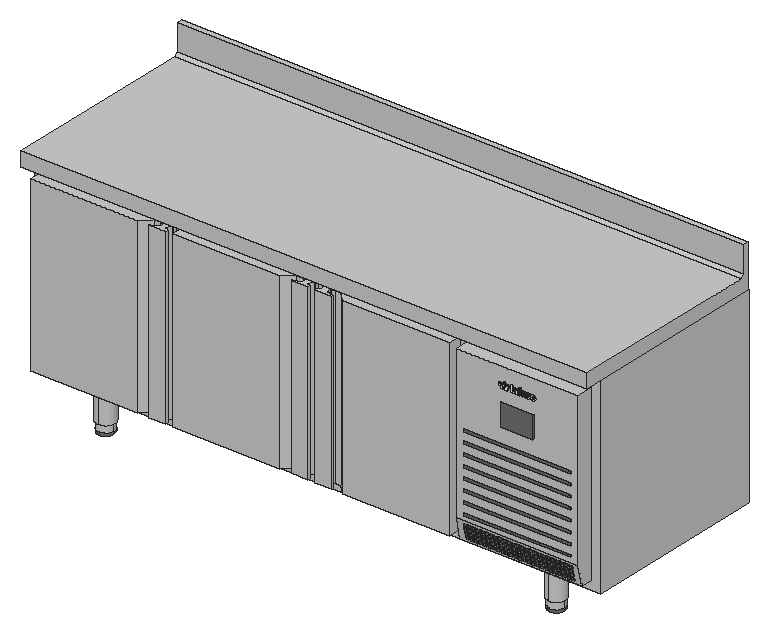
Revit family "QF_INFRICO_BMGN1960II_250808014312", category Specialty Equipment, Revit 2021
Family settings
  Round Connector Dimension = Use Diameter
  Part Type = Normal
  OmniClass Number = 23.40.40.14
  OmniClass Title = Food Service Equipment
  Work Plane-Based = No
  Always vertical = Yes
  Cut with Voids When Loaded = No
  Shared = No
  Room Calculation Point = No
Parameters (values of type "BMGN1960II-R290")
  Weight [instance] = 172.00 kg
  Waste Water Discharge Temperature [instance] = 0 °C
  Waste Remarks [instance] = ""
  Warranty Start Date [instance] = ""
  Warranty Duration [instance] = ""
  Volts [instance] = 230 V
  Volt Free Conn [instance] = no
  URL Recommended Spares List [instance] = ""
  URL Manufacturer [instance] = ""
  URL Cutsheet [instance] = ""
  URL Critical Spares List [instance] = ""
  URL = "www.infrico.com"
  Technical Documentation [instance] = ""
  Tag Number [instance] = ""
  Status [instance] = ""
  Start Up Current [instance] = 0 A
  Specification by User [instance] = ""
  Specification by Manufacturer [instance] = ""
  Sound Level [instance] = ""
  Show Logo [instance] = yes
  Show Clearances [instance] = yes
  Service Life Duration [instance] = ""
  Serial Number [instance] = ""
  Seismic Rating [instance] = ""
  SMACNA No [instance] = ""
  Revision Code [instance] = ""
  Revision [instance] = ""
  Production Year [instance] = ""
  Potential Equalisation [instance] = no
  Point Load [instance] = 0
  Plumbing Connection Type [instance] = ""
  Phase [instance] = 1
  Other Equipment Approvals [instance] = ""
  Operational Current [instance] = 0 A
  Number of Poles [instance] = 2
  No Load Power Draw [instance] = no
  NAFEM Spec ID Number [instance] = ""
  Model Warning [instance] = ""
  Model = "BMGN1960II"
  Min Ckt Ampacity [instance] = 0 A
  Max Overcurrent Protection [instance] = 0 A
  Masterspec [instance] = ""
  Manufacturer = "INFRICO"
  Main switch integrated [instance] = no
  Length Actual [instance] = 1960 mm
  Item Number [instance] = ""
  Installed By [instance] = ""
  Installation Date [instance] = ""
  Indirect Waste Size [instance] = 19.05 mm
  Indirect Waste Remarks [instance] = ""
  Indirect Waste Flow [instance] = 0.0 L/s
  Indirect Waste Connection Type [instance] = ""
  Indirect Waste Connection Height [instance] = 0 mm
  Identify Quantity as Lot [instance] = no
  ID [instance] = ""
  Hygiene Approval [instance] = ""
  Height Actual [instance] = 850 mm
  HP power [instance] = ""
  Furnished By [instance] = ""
  Foodservice Equipment Identifier [instance] = no
  FL Amps [instance] = 0 A
  Electrical Remarks [instance] = ""
  Electric power [instance] = 370 W
  Electric Connection Type [instance] = ""
  Elec Conn RI Height [instance] = 0 mm
  Elec Conn Connection Height [instance] = 0 mm
  ETL Approved [instance] = no
  Direct Waste Water Discharge Temperature [instance] = -273.15 °C
  Direct Waste Size [instance] = 19.05 mm
  Direct Waste RI Height [instance] = 0 mm
  Direct Waste Flow [instance] = 0.0 L/s
  Direct Waste Connection Height [instance] = 0 mm
  Description = "GN1/1 UNDERCOUNTER REFRIGERATOR 700 SERIES - R290 "
  Depth Actual [instance] = 700 mm
  Default Elevation = 0 mm
  Cycle [instance] = 50 Hz
  Cost = 0
  Connection to energy optimisation system [instance] = yes
  Conn Plug [instance] = ""
  Conn Conduit [instance] = no
  Centralized building control system with digital interface [instance] = ""
  CSI MasterFormat [instance] = ""
  CE Approved [instance] = no
  Barcode [instance] = 0
  Author [instance] = ""
  Asset Identifier [instance] = ""
  Apparent Power [instance] = 370 VA
  Accessory [instance] = no
Reference planes
  plane 1 "Center (Front/Back)": y = 0
  plane 2: z = 0
  plane 3 "Center (Left/Right)": x = 0
Forms (mm)
  Extrusion 1, solid, not visible
    sketch origin (787.038, -112.005, 142.007) x (1, 0, 0) y (0, 1, 0)
      loop
        line (-2, 2) -> (-2, -2) -> (2, -2) -> (2, 2) -> (-2, 2)
    from -2 to 2
  Extrusion 2, solid, not visible
    sketch origin (1898.593, -61.503, 142.007) x (1, 0, 0) y (0, 1, 0)
      loop
        line (-2, 2) -> (-2, -2) -> (2, -2) -> (2, 2) -> (-2, 2)
    from -2 to 2
Dimensions and locks
  locked: nested 2 to Extrusion 1 at 2  (x2)
  locked: nested 3 to Extrusion 2 at 2  (x2)
  aligned and locked: level to plane 2
Nested families
  nested 1: "QF_INFRICO_BMGN1960_2920" at (0, 0, 140), type "BMGN1960II-R290"
    with Weight 172.00 kg, Warranty Start Date "", Warranty Duration "", URL Cutsheet "", Technical Documentation "", Tag Number "", Status "", Specification by User "", Specification by Manufacturer "", Sound Level "", Solid Fuel Type "", Show Logo yes, Show Clearances yes, Show Clearance yes, Service Life Duration "", Serial Number "", Seismic Rating "", SMACNA No "", Revision Code "", Revision "", Production Year "", Point Load 0, Other Equipment Approvals "", NAFEM Spec ID Number "", Model Warning "", Masterspec "", Length Actual 1960 mm, Item Number "", Installed By "", Installation Date "", Identify Quantity as Lot yes, ID "", Hygiene Approval "", Height Actual 850 mm, Furnished By "", Foodservice Equipment Identifier yes, ETL Approved yes, Depth Actual 700 mm, CSI MasterFormat "", CE Approved no, Barcode "", Author "", Asset Identifier "", Accessory no
  nested 2: "CONN_POINT_DRAIN_2D___Generic_Annotation" at (787.038, -112.005, 140.007), type "CONN_POINT_DRAIN_2D___Generic_Annotation"
    with Onboard connection annotation symbol visibility yes
  nested 3: "CONN_POINT_ELE_2D___Generic_Annotation" at (1898.593, -61.503, 140.007), type "CONN_POINT_ELE_2D___Generic_Annotation"
    with Onboard connection annotation symbol visibility yes
  nested 4: "QF_INFRICO_BMGN_DOOR_SX_4853" at (22, -638, 168), type "BMGN_DOOR_SX"
    with Weight 0.00 kg, Warranty Start Date "", Warranty Duration "", URL Cutsheet "", Technical Documentation "", Tag Number "", Status "", Specification by User "", Specification by Manufacturer "", Sound Level "", Solid Fuel Type "", Show Logo yes, Show Clearances yes, Show Clearance yes, Service Life Duration "", Serial Number "", Seismic Rating "", SMACNA No "", Revision Code "", Revision "", Production Year "", Point Load 0, Other Equipment Approvals "", NAFEM Spec ID Number "", Model Warning "", Masterspec "", Length Actual 467 mm, Item Number "", Installed By "", Installation Date "", Identify Quantity as Lot yes, ID "", Hygiene Approval "", Height Actual 597 mm, Furnished By "", Foodservice Equipment Identifier yes, ETL Approved yes, Depth Actual 54 mm, CSI MasterFormat "", CE Approved no, Barcode "", Author "", Asset Identifier "", Accessory yes
  nested 5: "QF_INFRICO_BMGN_DOOR_SX_5634" at (514, -638, 168), type "BMGN_DOOR_SX"
    with Weight 0.00 kg, Warranty Start Date "", Warranty Duration "", URL Cutsheet "", Technical Documentation "", Tag Number "", Status "", Specification by User "", Specification by Manufacturer "", Sound Level "", Solid Fuel Type "", Show Logo yes, Show Clearances yes, Show Clearance yes, Service Life Duration "", Serial Number "", Seismic Rating "", SMACNA No "", Revision Code "", Revision "", Production Year "", Point Load 0, Other Equipment Approvals "", NAFEM Spec ID Number "", Model Warning "", Masterspec "", Length Actual 467 mm, Item Number "", Installed By "", Installation Date "", Identify Quantity as Lot yes, ID "", Hygiene Approval "", Height Actual 597 mm, Furnished By "", Foodservice Equipment Identifier yes, ETL Approved yes, Depth Actual 54 mm, CSI MasterFormat "", CE Approved no, Barcode "", Author "", Asset Identifier "", Accessory yes
  nested 6: "QF_INFRICO_BMGN_DOOR_DX_6411" at (1006, -638, 168), type "BMGN_DOOR_DX"
    with Weight 0.00 kg, Warranty Start Date "", Warranty Duration "", URL Cutsheet "", Technical Documentation "", Tag Number "", Status "", Specification by User "", Specification by Manufacturer "", Sound Level "", Solid Fuel Type "", Show Logo yes, Show Clearances yes, Show Clearance yes, Service Life Duration "", Serial Number "", Seismic Rating "", SMACNA No "", Revision Code "", Revision "", Production Year "", Point Load 0, Other Equipment Approvals "", NAFEM Spec ID Number "", Model Warning "", Masterspec "", Length Actual 467 mm, Item Number "", Installed By "", Installation Date "", Identify Quantity as Lot yes, ID "", Hygiene Approval "", Height Actual 597 mm, Furnished By "", Foodservice Equipment Identifier yes, ETL Approved yes, Depth Actual 54 mm, CSI MasterFormat "", CE Approved no, Barcode "", Author "", Asset Identifier "", Accessory yes
  nested 7: "QF_INFRICO_WORKTOP_BACKSPLASH_7188" at (0, 0, 800), type "ENC12CPGN19"
    with Weight 0.00 kg, Warranty Start Date "", Warranty Duration "", URL Cutsheet "", Technical Documentation "", Tag Number "", Status "", Specification by User "", Specification by Manufacturer "", Sound Level "", Solid Fuel Type "", Show Logo yes, Show Clearances yes, Show Clearance yes, Service Life Duration "", Serial Number "", Seismic Rating "", SMACNA No "", Revision Code "", Revision "", Production Year "", Point Load 0, Other Equipment Approvals "", NAFEM Spec ID Number "", Model Warning "", Masterspec "", Length Actual 1960 mm, Item Number "", Installed By "", Installation Date "", Identify Quantity as Lot yes, ID "", Hygiene Approval "", Height Actual 150 mm, Furnished By "", Foodservice Equipment Identifier yes, ETL Approved yes, Depth Actual 700 mm, CSI MasterFormat "", CE Approved no, Barcode "", Author "", Asset Identifier "", Accessory yes
  nested 8: "QF_INFRICO_LEGS_8024" at (0, 0, 0), type "LEGS_1960_700"
    with Weight 0.00 kg, Warranty Start Date "", Warranty Duration "", URL Cutsheet "", Technical Documentation "", Tag Number "", Status "", Specification by User "", Specification by Manufacturer "", Sound Level "", Solid Fuel Type "", Show Logo yes, Show Clearances yes, Show Clearance yes, Service Life Duration "", Serial Number "", Seismic Rating "", SMACNA No "", Revision Code "", Revision "", Production Year "", Point Load 0, Other Equipment Approvals "", NAFEM Spec ID Number "", Model Warning "", Masterspec "", Length Actual 1960 mm, Item Number "", Installed By "", Installation Date "", Identify Quantity as Lot yes, ID "", Hygiene Approval "", Height Actual 140 mm, Furnished By "", Foodservice Equipment Identifier yes, ETL Approved yes, Depth Actual 700 mm, CSI MasterFormat "", CE Approved no, Barcode "", Author "", Asset Identifier "", Accessory yes
Connectors
  piping at (787.038, -112.005, 140.007), diameter 19.05, driven by "Indirect Waste Size", driven by "Direct Waste Flow"
    settings: on Extrusion 1, index 1, connector inside diameter 609.6 mm, connector length 0 mm, flow factor 0, pipe flow 0.0 L/s, pressure drop 0.0 Pa, fitting loss kfactor 0, connector angle 0.00°, fixture units 0, engagement length 0 mm, angle of deflection 0.00°, flow configuration 1, flow direction 2, fitting loss method 0, system type 16, joint type 0, gender type 0, connector reference index -1, connector utility 0, adjustable connector no, is connector primary yes, connector description "Waste connection for BMGN1960II"
  electrical at (1898.593, -61.503, 140.007), driven by "Apparent Power", driven by "Number of Poles", driven by "Volts"
    settings: on Extrusion 2, index 2, voltage 230 V, apparent load 0 VA, apparent load phase1 370 VA, apparent load phase2 0 VA, apparent load phase3 0 VA, power factor 1, load classification "Other", number of poles 2, system type 31, power factor state 1, is connector primary yes, connector utility no, sub classification motor no, connector description "Electrical connection for BMGN1960II"
Definition of nested family "QF_INFRICO_BMGN1960_2920"
  Parameters (values of type "BMGN1960II-R290")
    Weight [instance] = 0.00 kg
    Warranty Start Date [instance] = ""
    Warranty Duration [instance] = ""
    URL Cutsheet [instance] = ""
    URL = "www.infrico.com"
    Technical Documentation [instance] = ""
    Tag Number [instance] = ""
    Status [instance] = ""
    Specification by User [instance] = ""
    Specification by Manufacturer [instance] = ""
    Sound Level [instance] = ""
    Solid Fuel Type [instance] = ""
    Show Logo [instance] = yes
    Show Clearances [instance] = yes
    Show Clearance [instance] = yes
    Service Life Duration [instance] = ""
    Serial Number [instance] = ""
    Seismic Rating [instance] = ""
    SMACNA No [instance] = ""
    Revision Code [instance] = ""
    Revision [instance] = ""
    Production Year [instance] = ""
    Point Load [instance] = 0
    Other Equipment Approvals [instance] = ""
    NAFEM Spec ID Number [instance] = ""
    Model Warning [instance] = ""
    Model = "BMGN1960II"
    Masterspec [instance] = ""
    Manufacturer = "INFRICO"
    Length Actual [instance] = 0 mm
    Item Number [instance] = ""
    Installed By [instance] = ""
    Installation Date [instance] = ""
    Identify Quantity as Lot [instance] = yes
    ID [instance] = ""
    Hygiene Approval [instance] = ""
    Height Actual [instance] = 0 mm
    Furnished By [instance] = ""
    Foodservice Equipment Identifier [instance] = yes
    ETL Approved [instance] = yes
    Description = "GN1/1 UNDERCOUNTER REFRIGERATOR 700 SERIES - R290"
    Depth Actual [instance] = 0 mm
    Default Elevation = 0 mm
    CSI MasterFormat [instance] = ""
    CE Approved [instance] = yes
    Barcode [instance] = ""
    Author [instance] = ""
    Asset Identifier [instance] = ""
    Assembly Code = "E1090320"
    Accessory [instance] = yes
  Types (7, lengths in mm): name | Model | Description
    BMGN1960II | "BMGN1960II" | "GN1/1 UNDERCOUNTER REFRIGERATOR 700 SERIES - R134A"
    BMGN1960BT | "BMGN1960BT" | "UNDERCOUNTER FREEZER GN1/1 SERIES 700 - R290"
    BMGN1960CR | "BMGN1960CR" | "GN1/1 GLASS DOOR UNDERCOUNTER REFRIGERATOR 700 SERIES - R134A"
    BMGN1960F | "BMGN1960F" | "GN1/1 SINK UNDERCOUNTER REFRIGERATOR 700 SERIES - R134A"
    BMGN1960II-R290 | "BMGN1960II" | "GN1/1 UNDERCOUNTER REFRIGERATOR 700 SERIES - R290"
    BMGN1960CR-R290 | "BMGN1960CR" | "GN1/1 GLASS DOOR UNDERCOUNTER REFRIGERATOR 700 SERIES - R290"
    BMGN1960F-R290 | "BMGN1960F" | "GN1/1 SINK UNDERCOUNTER REFRIGERATOR 700 SERIES - R290"
  Reference planes
    plane 1 "Back": y = 0
    plane 2: z = 0
    plane 3 "Left": x = 0
    plane 4 "Right": x = 1960
    plane 5 "Front": y = -700
    plane 6 "Top": z = 660
  Forms (mm)
    Extrusion 1, solid
      sketch origin (492, 0, -140) x (0, 1, 0) y (0, 0, 1)
        loop
          line (-638.02, 765.292) -> (-695.03, 765.292) -> (-695.03, 238.436) -> (-678.769, 168) -> (-638.02, 168) -> (-638.02, 765.292)
      from 1013.993 to 1433.993
    Extrusion 2, void
      sketch origin (0, 0, -140) x (1, 0, 0) y (0, 0, 1)
        loop
          line (60, 200) -> (1410, 200) -> (1410, 740) -> (60, 740) -> (60, 200)
      from 60 to 638.02
    Extrusion 3, solid
      sketch origin (-1508, -693.13, -140) x (1, 0, 0) y (0, 0, 1)
        loop
          line (3408.016, 523.949) -> (3040.73, 523.949) -> (3040.73, 514.949) -> (3408.016, 514.949) -> (3408.016, 523.949)
        loop
          line (3408.016, 486.949) -> (3040.73, 486.949) -> (3040.73, 477.949) -> (3408.016, 477.949) -> (3408.016, 486.949)
        loop
          line (3408.016, 449.949) -> (3040.73, 449.949) -> (3040.73, 440.949) -> (3408.016, 440.949) -> (3408.016, 449.949)
        loop
          line (3408.016, 412.949) -> (3040.73, 412.949) -> (3040.73, 403.949) -> (3408.016, 403.949) -> (3408.016, 412.949)
        loop
          line (3408.016, 375.949) -> (3040.73, 375.949) -> (3040.73, 366.949) -> (3408.016, 366.949) -> (3408.016, 375.949)
        loop
          line (3408.016, 338.949) -> (3040.73, 338.949) -> (3040.73, 329.949) -> (3408.016, 329.949) -> (3408.016, 338.949)
        loop
          line (3408.016, 301.949) -> (3040.73, 301.949) -> (3040.73, 292.949) -> (3408.016, 292.949) -> (3408.016, 301.949)
        loop
          line (3408.016, 264.949) -> (3040.73, 264.949) -> (3040.73, 255.949) -> (3408.016, 255.949) -> (3408.016, 264.949)
      from 0 to 2
    Extrusion 4, solid
      sketch origin (-1508, -639.263, -134.673) x (1, 0, 0) y (0, -0.224951, 0.97437)
        loop
          line (3036.73, 215.974) -> (3036.73, 205.974) -> (3046.73, 205.974) -> (3046.73, 215.974) -> (3036.73, 215.974)
        loop
          line (3036.73, 230.769) -> (3036.73, 220.769) -> (3046.73, 220.769) -> (3046.73, 230.769) -> (3036.73, 230.769)
        loop
          line (3036.73, 186.385) -> (3036.73, 176.385) -> (3046.73, 176.385) -> (3046.73, 186.385) -> (3036.73, 186.385)
        loop
          line (3036.73, 201.179) -> (3036.73, 191.179) -> (3046.73, 191.179) -> (3046.73, 201.179) -> (3036.73, 201.179)
        loop
          line (3051.938, 215.974) -> (3051.938, 205.974) -> (3061.938, 205.974) -> (3061.938, 215.974) -> (3051.938, 215.974)
        loop
          line (3051.938, 230.769) -> (3051.938, 220.769) -> (3061.938, 220.769) -> (3061.938, 230.769) -> (3051.938, 230.769)
        loop
          line (3051.938, 186.385) -> (3051.938, 176.385) -> (3061.938, 176.385) -> (3061.938, 186.385) -> (3051.938, 186.385)
        loop
          line (3051.938, 201.179) -> (3051.938, 191.179) -> (3061.938, 191.179) -> (3061.938, 201.179) -> (3051.938, 201.179)
        loop
          line (3067.147, 215.974) -> (3067.147, 205.974) -> (3077.147, 205.974) -> (3077.147, 215.974) -> (3067.147, 215.974)
        loop
          line (3067.147, 230.769) -> (3067.147, 220.769) -> (3077.147, 220.769) -> (3077.147, 230.769) -> (3067.147, 230.769)
        loop
          line (3067.147, 186.385) -> (3067.147, 176.385) -> (3077.147, 176.385) -> (3077.147, 186.385) -> (3067.147, 186.385)
        loop
          line (3067.147, 201.179) -> (3067.147, 191.179) -> (3077.147, 191.179) -> (3077.147, 201.179) -> (3067.147, 201.179)
        loop
          line (3082.355, 215.974) -> (3082.355, 205.974) -> (3092.355, 205.974) -> (3092.355, 215.974) -> (3082.355, 215.974)
        loop
          line (3082.355, 230.769) -> (3082.355, 220.769) -> (3092.355, 220.769) -> (3092.355, 230.769) -> (3082.355, 230.769)
        loop
          line (3082.355, 186.385) -> (3082.355, 176.385) -> (3092.355, 176.385) -> (3092.355, 186.385) -> (3082.355, 186.385)
        loop
          line (3082.355, 201.179) -> (3082.355, 191.179) -> (3092.355, 191.179) -> (3092.355, 201.179) -> (3082.355, 201.179)
        loop
          line (3097.563, 215.974) -> (3097.563, 205.974) -> (3107.563, 205.974) -> (3107.563, 215.974) -> (3097.563, 215.974)
        loop
          line (3097.563, 230.769) -> (3097.563, 220.769) -> (3107.563, 220.769) -> (3107.563, 230.769) -> (3097.563, 230.769)
        loop
          line (3097.563, 186.385) -> (3097.563, 176.385) -> (3107.563, 176.385) -> (3107.563, 186.385) -> (3097.563, 186.385)
        loop
          line (3097.563, 201.179) -> (3097.563, 191.179) -> (3107.563, 191.179) -> (3107.563, 201.179) -> (3097.563, 201.179)
        loop
          line (3112.772, 215.974) -> (3112.772, 205.974) -> (3122.772, 205.974) -> (3122.772, 215.974) -> (3112.772, 215.974)
        loop
          line (3112.772, 230.769) -> (3112.772, 220.769) -> (3122.772, 220.769) -> (3122.772, 230.769) -> (3112.772, 230.769)
        loop
          line (3112.772, 186.385) -> (3112.772, 176.385) -> (3122.772, 176.385) -> (3122.772, 186.385) -> (3112.772, 186.385)
        loop
          line (3112.772, 201.179) -> (3112.772, 191.179) -> (3122.772, 191.179) -> (3122.772, 201.179) -> (3112.772, 201.179)
        loop
          line (3127.98, 215.974) -> (3127.98, 205.974) -> (3137.98, 205.974) -> (3137.98, 215.974) -> (3127.98, 215.974)
        loop
          line (3127.98, 230.769) -> (3127.98, 220.769) -> (3137.98, 220.769) -> (3137.98, 230.769) -> (3127.98, 230.769)
        loop
          line (3127.98, 186.385) -> (3127.98, 176.385) -> (3137.98, 176.385) -> (3137.98, 186.385) -> (3127.98, 186.385)
        loop
          line (3127.98, 201.179) -> (3127.98, 191.179) -> (3137.98, 191.179) -> (3137.98, 201.179) -> (3127.98, 201.179)
        loop
          line (3143.188, 215.974) -> (3143.188, 205.974) -> (3153.188, 205.974) -> (3153.188, 215.974) -> (3143.188, 215.974)
        loop
          line (3143.188, 230.769) -> (3143.188, 220.769) -> (3153.188, 220.769) -> (3153.188, 230.769) -> (3143.188, 230.769)
        loop
          line (3143.188, 186.385) -> (3143.188, 176.385) -> (3153.188, 176.385) -> (3153.188, 186.385) -> (3143.188, 186.385)
        loop
          line (3143.188, 201.179) -> (3143.188, 191.179) -> (3153.188, 191.179) -> (3153.188, 201.179) -> (3143.188, 201.179)
        loop
          line (3158.397, 215.974) -> (3158.397, 205.974) -> (3168.397, 205.974) -> (3168.397, 215.974) -> (3158.397, 215.974)
        loop
          line (3158.397, 230.769) -> (3158.397, 220.769) -> (3168.397, 220.769) -> (3168.397, 230.769) -> (3158.397, 230.769)
        loop
          line (3158.397, 186.385) -> (3158.397, 176.385) -> (3168.397, 176.385) -> (3168.397, 186.385) -> (3158.397, 186.385)
        loop
          line (3158.397, 201.179) -> (3158.397, 191.179) -> (3168.397, 191.179) -> (3168.397, 201.179) -> (3158.397, 201.179)
        loop
          line (3173.605, 215.974) -> (3173.605, 205.974) -> (3183.605, 205.974) -> (3183.605, 215.974) -> (3173.605, 215.974)
        loop
          line (3173.605, 230.769) -> (3173.605, 220.769) -> (3183.605, 220.769) -> (3183.605, 230.769) -> (3173.605, 230.769)
        loop
          line (3173.605, 186.385) -> (3173.605, 176.385) -> (3183.605, 176.385) -> (3183.605, 186.385) -> (3173.605, 186.385)
        loop
          line (3173.605, 201.179) -> (3173.605, 191.179) -> (3183.605, 191.179) -> (3183.605, 201.179) -> (3173.605, 201.179)
        loop
          line (3188.813, 215.974) -> (3188.813, 205.974) -> (3198.813, 205.974) -> (3198.813, 215.974) -> (3188.813, 215.974)
        loop
          line (3188.813, 230.769) -> (3188.813, 220.769) -> (3198.813, 220.769) -> (3198.813, 230.769) -> (3188.813, 230.769)
        loop
          line (3188.813, 186.385) -> (3188.813, 176.385) -> (3198.813, 176.385) -> (3198.813, 186.385) -> (3188.813, 186.385)
        loop
          line (3188.813, 201.179) -> (3188.813, 191.179) -> (3198.813, 191.179) -> (3198.813, 201.179) -> (3188.813, 201.179)
        loop
          line (3204.022, 215.974) -> (3204.022, 205.974) -> (3214.022, 205.974) -> (3214.022, 215.974) -> (3204.022, 215.974)
        loop
          line (3204.022, 230.769) -> (3204.022, 220.769) -> (3214.022, 220.769) -> (3214.022, 230.769) -> (3204.022, 230.769)
        loop
          line (3204.022, 186.385) -> (3204.022, 176.385) -> (3214.022, 176.385) -> (3214.022, 186.385) -> (3204.022, 186.385)
        loop
          line (3204.022, 201.179) -> (3204.022, 191.179) -> (3214.022, 191.179) -> (3214.022, 201.179) -> (3204.022, 201.179)
        loop
          line (3219.23, 215.974) -> (3219.23, 205.974) -> (3229.23, 205.974) -> (3229.23, 215.974) -> (3219.23, 215.974)
        loop
          line (3219.23, 230.769) -> (3219.23, 220.769) -> (3229.23, 220.769) -> (3229.23, 230.769) -> (3219.23, 230.769)
        loop
          line (3219.23, 186.385) -> (3219.23, 176.385) -> (3229.23, 176.385) -> (3229.23, 186.385) -> (3219.23, 186.385)
        loop
          line (3219.23, 201.179) -> (3219.23, 191.179) -> (3229.23, 191.179) -> (3229.23, 201.179) -> (3219.23, 201.179)
        loop
          line (3234.438, 215.974) -> (3234.438, 205.974) -> (3244.438, 205.974) -> (3244.438, 215.974) -> (3234.438, 215.974)
        loop
          line (3234.438, 230.769) -> (3234.438, 220.769) -> (3244.438, 220.769) -> (3244.438, 230.769) -> (3234.438, 230.769)
        loop
          line (3234.438, 186.385) -> (3234.438, 176.385) -> (3244.438, 176.385) -> (3244.438, 186.385) -> (3234.438, 186.385)
        loop
          line (3234.438, 201.179) -> (3234.438, 191.179) -> (3244.438, 191.179) -> (3244.438, 201.179) -> (3234.438, 201.179)
        loop
          line (3249.647, 215.974) -> (3249.647, 205.974) -> (3259.647, 205.974) -> (3259.647, 215.974) -> (3249.647, 215.974)
        loop
          line (3249.647, 230.769) -> (3249.647, 220.769) -> (3259.647, 220.769) -> (3259.647, 230.769) -> (3249.647, 230.769)
        loop
          line (3249.647, 186.385) -> (3249.647, 176.385) -> (3259.647, 176.385) -> (3259.647, 186.385) -> (3249.647, 186.385)
        loop
          line (3249.647, 201.179) -> (3249.647, 191.179) -> (3259.647, 191.179) -> (3259.647, 201.179) -> (3249.647, 201.179)
        loop
          line (3264.855, 215.974) -> (3264.855, 205.974) -> (3274.855, 205.974) -> (3274.855, 215.974) -> (3264.855, 215.974)
        loop
          line (3264.855, 230.769) -> (3264.855, 220.769) -> (3274.855, 220.769) -> (3274.855, 230.769) -> (3264.855, 230.769)
        loop
          line (3264.855, 186.385) -> (3264.855, 176.385) -> (3274.855, 176.385) -> (3274.855, 186.385) -> (3264.855, 186.385)
        loop
          line (3264.855, 201.179) -> (3264.855, 191.179) -> (3274.855, 191.179) -> (3274.855, 201.179) -> (3264.855, 201.179)
        loop
          line (3280.063, 215.974) -> (3280.063, 205.974) -> (3290.063, 205.974) -> (3290.063, 215.974) -> (3280.063, 215.974)
        loop
          line (3280.063, 230.769) -> (3280.063, 220.769) -> (3290.063, 220.769) -> (3290.063, 230.769) -> (3280.063, 230.769)
        loop
          line (3280.063, 186.385) -> (3280.063, 176.385) -> (3290.063, 176.385) -> (3290.063, 186.385) -> (3280.063, 186.385)
        loop
          line (3280.063, 201.179) -> (3280.063, 191.179) -> (3290.063, 191.179) -> (3290.063, 201.179) -> (3280.063, 201.179)
        loop
          line (3295.272, 215.974) -> (3295.272, 205.974) -> (3305.272, 205.974) -> (3305.272, 215.974) -> (3295.272, 215.974)
        loop
          line (3295.272, 230.769) -> (3295.272, 220.769) -> (3305.272, 220.769) -> (3305.272, 230.769) -> (3295.272, 230.769)
        loop
          line (3295.272, 186.385) -> (3295.272, 176.385) -> (3305.272, 176.385) -> (3305.272, 186.385) -> (3295.272, 186.385)
        loop
          line (3295.272, 201.179) -> (3295.272, 191.179) -> (3305.272, 191.179) -> (3305.272, 201.179) -> (3295.272, 201.179)
        loop
          line (3310.48, 215.974) -> (3310.48, 205.974) -> (3320.48, 205.974) -> (3320.48, 215.974) -> (3310.48, 215.974)
        loop
          line (3310.48, 230.769) -> (3310.48, 220.769) -> (3320.48, 220.769) -> (3320.48, 230.769) -> (3310.48, 230.769)
        loop
          line (3310.48, 186.385) -> (3310.48, 176.385) -> (3320.48, 176.385) -> (3320.48, 186.385) -> (3310.48, 186.385)
        loop
          line (3310.48, 201.179) -> (3310.48, 191.179) -> (3320.48, 191.179) -> (3320.48, 201.179) -> (3310.48, 201.179)
        loop
          line (3325.688, 215.974) -> (3325.688, 205.974) -> (3335.688, 205.974) -> (3335.688, 215.974) -> (3325.688, 215.974)
        loop
          line (3325.688, 230.769) -> (3325.688, 220.769) -> (3335.688, 220.769) -> (3335.688, 230.769) -> (3325.688, 230.769)
        loop
          line (3325.688, 186.385) -> (3325.688, 176.385) -> (3335.688, 176.385) -> (3335.688, 186.385) -> (3325.688, 186.385)
        loop
          line (3325.688, 201.179) -> (3325.688, 191.179) -> (3335.688, 191.179) -> (3335.688, 201.179) -> (3325.688, 201.179)
        loop
          line (3340.897, 215.974) -> (3340.897, 205.974) -> (3350.897, 205.974) -> (3350.897, 215.974) -> (3340.897, 215.974)
        loop
          line (3340.897, 230.769) -> (3340.897, 220.769) -> (3350.897, 220.769) -> (3350.897, 230.769) -> (3340.897, 230.769)
        loop
          line (3340.897, 186.385) -> (3340.897, 176.385) -> (3350.897, 176.385) -> (3350.897, 186.385) -> (3340.897, 186.385)
        loop
          line (3340.897, 201.179) -> (3340.897, 191.179) -> (3350.897, 191.179) -> (3350.897, 201.179) -> (3340.897, 201.179)
        loop
          line (3356.105, 215.974) -> (3356.105, 205.974) -> (3366.105, 205.974) -> (3366.105, 215.974) -> (3356.105, 215.974)
        loop
          line (3356.105, 230.769) -> (3356.105, 220.769) -> (3366.105, 220.769) -> (3366.105, 230.769) -> (3356.105, 230.769)
        loop
          line (3356.105, 186.385) -> (3356.105, 176.385) -> (3366.105, 176.385) -> (3366.105, 186.385) -> (3356.105, 186.385)
        loop
          line (3356.105, 201.179) -> (3356.105, 191.179) -> (3366.105, 191.179) -> (3366.105, 201.179) -> (3356.105, 201.179)
        loop
          line (3371.313, 215.974) -> (3371.313, 205.974) -> (3381.313, 205.974) -> (3381.313, 215.974) -> (3371.313, 215.974)
        loop
          line (3371.313, 230.769) -> (3371.313, 220.769) -> (3381.313, 220.769) -> (3381.313, 230.769) -> (3371.313, 230.769)
        loop
          line (3371.313, 186.385) -> (3371.313, 176.385) -> (3381.313, 176.385) -> (3381.313, 186.385) -> (3371.313, 186.385)
        loop
          line (3371.313, 201.179) -> (3371.313, 191.179) -> (3381.313, 191.179) -> (3381.313, 201.179) -> (3371.313, 201.179)
        loop
          line (3386.522, 215.974) -> (3386.522, 205.974) -> (3396.522, 205.974) -> (3396.522, 215.974) -> (3386.522, 215.974)
        loop
          line (3386.522, 230.769) -> (3386.522, 220.769) -> (3396.522, 220.769) -> (3396.522, 230.769) -> (3386.522, 230.769)
        loop
          line (3386.522, 186.385) -> (3386.522, 176.385) -> (3396.522, 176.385) -> (3396.522, 186.385) -> (3386.522, 186.385)
        loop
          line (3386.522, 201.179) -> (3386.522, 191.179) -> (3396.522, 191.179) -> (3396.522, 201.179) -> (3386.522, 201.179)
        loop
          line (3401.73, 215.974) -> (3401.73, 205.974) -> (3411.73, 205.974) -> (3411.73, 215.974) -> (3401.73, 215.974)
        loop
          line (3401.73, 230.769) -> (3401.73, 220.769) -> (3411.73, 220.769) -> (3411.73, 230.769) -> (3401.73, 230.769)
        loop
          line (3401.73, 186.385) -> (3401.73, 176.385) -> (3411.73, 176.385) -> (3411.73, 186.385) -> (3401.73, 186.385)
        loop
          line (3401.73, 201.179) -> (3401.73, 191.179) -> (3411.73, 191.179) -> (3411.73, 201.179) -> (3401.73, 201.179)
      from 0 to 2
    Extrusion 5, solid, visible <- "Show Logo"
      sketch origin (491.014, -693.13, -140) x (1, 0, 0) y (0, 0, 1)
        loop
          line (1208.799, 696.53) -> (1208.799, 719.204) -> (1204.173, 719.204) -> (1204.173, 696.53) -> (1208.799, 696.53)
        loop
          line (1214.779, 713.006) -> (1211.283, 713.006) -> (1211.283, 696.53) -> (1215.772, 696.53) -> (1215.772, 707.832)
          arc (1215.772, 707.832) -> (1217.528, 708.741) -> (1219.417, 709.324) r 11.052
          arc (1219.417, 709.324) -> (1220.929, 708.961) -> (1221.598, 707.557) r 1.806
          line (1221.598, 707.557) -> (1221.598, 696.53) -> (1226.121, 696.53) -> (1226.121, 708.689)
          arc (1226.121, 708.689) -> (1224.637, 712.075) -> (1221.141, 713.281) r 4.607
          arc (1221.141, 713.281) -> (1218.282, 712.674) -> (1215.669, 711.361) r 11.435
          line (1215.669, 711.361) -> (1215.601, 712.184)
          arc (1215.601, 712.184) -> (1215.36, 712.765) -> (1214.779, 713.006) r 0.822
        loop
          line (1238.557, 720.102) -> (1237.306, 720.102)
          arc (1237.306, 720.102) -> (1235.052, 719.926) -> (1232.881, 719.297) r 11.103
          arc (1232.881, 719.297) -> (1230.805, 717.616) -> (1230.024, 715.062) r 4.567
          line (1230.024, 715.062) -> (1230.024, 712.909) -> (1227.351, 712.703) -> (1227.351, 709.374) -> (1230.024, 709.374) -> (1230.024, 696.53) -> (1234.547, 696.53) -> (1234.547, 709.374) -> (1238.249, 709.374) -> (1238.249, 712.938) -> (1234.547, 712.938) -> (1234.547, 714.548)
          arc (1234.547, 714.548) -> (1234.956, 715.705) -> (1236.045, 716.271) r 1.67
          line (1236.045, 716.271) -> (1237.7, 716.399)
          arc (1237.7, 716.399) -> (1238.306, 716.65) -> (1238.557, 717.255) r 0.857
          line (1238.557, 717.255) -> (1238.557, 720.102)
        loop
          line (1239.479, 713.006) -> (1239.479, 696.53) -> (1243.968, 696.53) -> (1243.968, 707.352)
          arc (1243.968, 707.352) -> (1245.873, 708.631) -> (1248.077, 709.268) r 7.435
          line (1248.077, 709.268) -> (1249.241, 709.416)
          arc (1249.241, 709.416) -> (1249.643, 709.758) -> (1249.793, 710.265) r 0.928
          line (1249.793, 710.265) -> (1249.793, 712.458)
          arc (1249.793, 712.458) -> (1249.531, 713.061) -> (1248.912, 713.28) r 0.824
          arc (1248.912, 713.28) -> (1246.197, 712.588) -> (1243.899, 710.984) r 7.833
          line (1243.899, 710.984) -> (1243.726, 713.006) -> (1239.479, 713.006)
        loop
          line (1255.495, 696.53) -> (1255.495, 713.006) -> (1251.006, 713.006) -> (1251.006, 696.53) -> (1255.495, 696.53)
        loop
          arc (1257.421, 701.327) -> (1258.567, 698.188) -> (1261.466, 696.525) r 4.873
          arc (1261.466, 696.525) -> (1264.493, 696.266) -> (1267.521, 696.525) r 17.816
          arc (1267.521, 696.525) -> (1270.575, 699.134) -> (1271.505, 703.041) r 6.481
          line (1271.505, 703.041) -> (1267.187, 703.041) -> (1267.187, 701.67)
          arc (1267.187, 701.67) -> (1266.64, 700.452) -> (1265.442, 699.865) r 1.965
          arc (1265.442, 699.865) -> (1264.547, 699.816) -> (1263.653, 699.865) r 8.196
          arc (1263.653, 699.865) -> (1262.417, 700.415) -> (1261.91, 701.67) r 1.806
          line (1261.91, 701.67) -> (1261.91, 707.9)
          arc (1261.91, 707.9) -> (1262.417, 709.155) -> (1263.653, 709.705) r 1.806
          arc (1263.653, 709.705) -> (1264.547, 709.754) -> (1265.442, 709.705) r 8.196
          arc (1265.442, 709.705) -> (1266.64, 709.118) -> (1267.187, 707.9) r 1.965
          line (1267.187, 707.9) -> (1267.187, 706.838) -> (1271.505, 706.838)
          arc (1271.505, 706.838) -> (1270.524, 710.556) -> (1267.521, 712.959) r 6.132
          arc (1267.521, 712.959) -> (1264.493, 713.294) -> (1261.466, 712.959) r 13.851
          arc (1261.466, 712.959) -> (1258.571, 711.349) -> (1257.421, 708.243) r 4.772
          line (1257.421, 708.243) -> (1257.421, 701.327)
        loop
          arc (1272.916, 701.329) -> (1273.993, 698.345) -> (1276.726, 696.734) r 4.676
          arc (1276.726, 696.734) -> (1278.515, 696.455) -> (1280.318, 696.291) r 28.371
          arc (1280.318, 696.291) -> (1282.122, 696.455) -> (1283.911, 696.734) r 28.371
          arc (1283.911, 696.734) -> (1286.644, 698.345) -> (1287.72, 701.329) r 4.676
          line (1287.72, 701.329) -> (1287.72, 708.242)
          arc (1287.72, 708.242) -> (1286.644, 711.226) -> (1283.911, 712.837) r 4.676
          arc (1283.911, 712.837) -> (1282.122, 713.116) -> (1280.318, 713.28) r 28.371
          arc (1280.318, 713.28) -> (1278.515, 713.116) -> (1276.726, 712.837) r 28.371
          arc (1276.726, 712.837) -> (1273.993, 711.226) -> (1272.916, 708.242) r 4.676
          line (1272.916, 708.242) -> (1272.916, 701.329)
        loop
          line (1277.405, 707.866) -> (1277.405, 701.705)
          arc (1277.405, 701.705) -> (1277.844, 700.556) -> (1278.936, 699.991) r 1.725
          arc (1278.936, 699.991) -> (1279.627, 699.918) -> (1280.318, 699.856) r 46.133
          arc (1280.318, 699.856) -> (1281.01, 699.918) -> (1281.701, 699.991) r 46.133
          arc (1281.701, 699.991) -> (1282.793, 700.556) -> (1283.231, 701.705) r 1.725
          line (1283.231, 701.705) -> (1283.231, 707.866)
          arc (1283.231, 707.866) -> (1282.793, 709.015) -> (1281.701, 709.58) r 1.725
          arc (1281.701, 709.58) -> (1281.01, 709.653) -> (1280.318, 709.716) r 46.133
          arc (1280.318, 709.716) -> (1279.627, 709.653) -> (1278.936, 709.58) r 46.133
          arc (1278.936, 709.58) -> (1277.844, 709.015) -> (1277.405, 707.866) r 1.725
        loop
          arc (1190.339, 696.543) -> (1191.411, 696.987) -> (1191.856, 698.059) r 1.516
          line (1191.856, 698.059) -> (1191.856, 703.891) -> (1196.035, 703.891)
          arc (1196.035, 703.891) -> (1196.79, 704.121) -> (1197.218, 704.782) r 1.147
          line (1197.218, 704.782) -> (1197.218, 706.211)
          arc (1197.218, 706.211) -> (1196.787, 707.258) -> (1195.719, 707.634) r 1.385
          line (1195.719, 707.634) -> (1194.52, 707.634) -> (1197.218, 710.332)
          arc (1197.218, 710.332) -> (1197.605, 711.266) -> (1197.218, 712.2) r 1.321
          line (1197.218, 712.2) -> (1196.495, 712.923)
          arc (1196.495, 712.923) -> (1195.54, 713.338) -> (1194.558, 712.991) r 1.422
          line (1194.558, 712.991) -> (1191.853, 710.286) -> (1191.853, 711.479)
          arc (1191.853, 711.479) -> (1191.443, 712.516) -> (1190.435, 712.992) r 1.516
          line (1190.435, 712.992) -> (1189.514, 712.992)
          arc (1189.514, 712.992) -> (1188.511, 712.514) -> (1188.103, 711.479) r 1.516
          line (1188.103, 711.479) -> (1188.103, 706.83) -> (1182.073, 701.336) -> (1182.073, 707.509) -> (1185.639, 711.075)
          arc (1185.639, 711.075) -> (1186.053, 712.073) -> (1185.639, 713.071) r 1.412
          line (1185.639, 713.071) -> (1184.987, 713.723)
          arc (1184.987, 713.723) -> (1183.939, 714.141) -> (1182.915, 713.667) r 1.428
          line (1182.915, 713.667) -> (1182.073, 712.825) -> (1182.073, 717.784)
          arc (1182.073, 717.784) -> (1181.658, 718.787) -> (1180.655, 719.203) r 1.418
          line (1180.655, 719.203) -> (1179.726, 719.203)
          arc (1179.726, 719.203) -> (1178.723, 718.787) -> (1178.308, 717.784) r 1.418
          line (1178.308, 717.784) -> (1178.308, 712.825) -> (1177.466, 713.667)
          arc (1177.466, 713.667) -> (1176.442, 714.141) -> (1175.394, 713.723) r 1.428
          line (1175.394, 713.723) -> (1174.742, 713.071)
          arc (1174.742, 713.071) -> (1174.328, 712.073) -> (1174.742, 711.075) r 1.412
          line (1174.742, 711.075) -> (1178.308, 707.509) -> (1178.308, 701.336) -> (1172.278, 706.83) -> (1172.278, 711.479)
          arc (1172.278, 711.479) -> (1171.87, 712.514) -> (1170.867, 712.992) r 1.516
          line (1170.867, 712.992) -> (1169.946, 712.992)
          arc (1169.946, 712.992) -> (1168.938, 712.516) -> (1168.528, 711.479) r 1.516
          line (1168.528, 711.479) -> (1168.528, 710.286) -> (1165.823, 712.991)
          arc (1165.823, 712.991) -> (1164.841, 713.338) -> (1163.886, 712.923) r 1.422
          line (1163.886, 712.923) -> (1163.163, 712.2)
          arc (1163.163, 712.2) -> (1162.776, 711.266) -> (1163.163, 710.332) r 1.321
          line (1163.163, 710.332) -> (1165.861, 707.634) -> (1164.662, 707.634)
          arc (1164.662, 707.634) -> (1163.594, 707.258) -> (1163.163, 706.211) r 1.385
          line (1163.163, 706.211) -> (1163.163, 704.782)
          arc (1163.163, 704.782) -> (1163.591, 704.121) -> (1164.346, 703.891) r 1.147
          line (1164.346, 703.891) -> (1168.525, 703.891) -> (1168.525, 698.059)
          arc (1168.525, 698.059) -> (1168.969, 696.987) -> (1170.042, 696.543) r 1.516
          line (1170.042, 696.543) -> (1190.339, 696.543)
      from 0 to 2
    Extrusion 6, solid
      sketch origin (491.014, 0, -140) x (1, 0, 0) y (0, 0, 1)
        loop
          line (1169.616, 654.3) -> (1169.616, 577.9) -> (1281.216, 577.9) -> (1281.216, 654.3) -> (1169.616, 654.3)
      from 695.03 to 698.23
    Extrusion 7, solid
      sketch origin (492, 0, 0) x (1, 0, 0) y (0, 1, 0)
        loop
          circle (1406.5, -61.5) r 12.7
      from -5 to 0
    Extrusion 8, solid
      sketch origin (0, 0, 0) x (1, 0, 0) y (0, 1, 0)
        loop
          circle (787, -112) r 9.525
      from -5 to 0
    Extrusion 9, solid
      sketch origin (0, 0, 0) x (1, 0, 0) y (0, 1, 0)
        loop
          line (0, 0) -> (0, -638.02) -> (1960, -638.02) -> (1960, 0) -> (0, 0)
        loop
          line (60, -578.02) -> (1900, -578.02) -> (1900, -60) -> (60, -60) -> (60, -578.02)
      from 0 to 660
    Extrusion 10, solid
      sketch origin (0, 0, 0) x (1, 0, 0) y (0, 0, 1)
        loop
          line (1900.016, 60) -> (60, 60) -> (60, 0) -> (1900.016, 0) -> (1900.016, 60)
      from 60 to 578.02
    Extrusion 11, solid
      sketch origin (0, 0, 0) x (1, 0, 0) y (0, 1, 0)
        loop
          line (454, -638.02) -> (549, -638.02) -> (549, -628.02) -> (454, -628.02) -> (454, -638.02)
      from 60 to 600
    Extrusion 12, solid
      sketch origin (492, 0, 0) x (1, 0, 0) y (0, 1, 0)
        loop
          line (454, -638.02) -> (549, -638.02) -> (549, -628.02) -> (454, -628.02) -> (454, -638.02)
      from 60 to 600
  Cuts and joins
    Extrusion 2 cuts Extrusion 9
    joined: Extrusion 9, Extrusion 10
  Lines and regions (mm)
    symbolic lines, visible <- "Show Clearance"
      curve 1: line (1960, 0, 0) -> (0, 0, 0)
      curve 2: line (0, 0, 0) -> (0, -700, 0)
      curve 3: line (0, -700, 0) -> (1960, -700, 0)
      curve 4: line (1960, -700, 0) -> (1960, 0, 0)
  Dimensions and locks
    plane 4 "Right" to plane 3 "Left" = 1960 mm
    plane 6 "Top" to level = 660 mm
    plane 1 "Back" to plane 5 "Front" = 700 mm  (x2)
    plane 3 "Left" to plane 4 "Right" = 1960 mm
    aligned and locked: level to plane 2
  Connectors
    piping at (787, -112, -5), diameter 19.1
      settings: on Extrusion 8, index 2, connector inside diameter 609.6 mm, connector length 0 mm, flow factor 0, pipe flow 0.0 L/s, pressure drop 0.0 Pa, fitting loss kfactor 0, connector angle 0.00°, fixture units 0, engagement length 0 mm, angle of deflection 0.00°, flow configuration 1, flow direction 2, fitting loss method 0, system type 16, joint type 0, gender type 0, connector reference index -1, connector utility 0, adjustable connector no, is connector primary yes, connector description "Drain connection"
    electrical at (1898.5, -61.5, -5)
      settings: on Extrusion 7, index 3, voltage 0 V, apparent load 0 VA, apparent load phase1 0 VA, apparent load phase2 0 VA, apparent load phase3 0 VA, power factor 1, load classification none, number of poles 1, system type 31, power factor state 1, is connector primary yes, connector utility no, sub classification motor no, connector description "Electrical connection"
Definition of nested family "QF_INFRICO_BMGN_DOOR_SX_4853"
  Parameters (values of type "BMGN_DOOR_SX")
    Weight [instance] = 0.00 kg
    Warranty Start Date [instance] = ""
    Warranty Duration [instance] = ""
    URL Cutsheet [instance] = ""
    URL = "www.infrico.com"
    Technical Documentation [instance] = ""
    Tag Number [instance] = ""
    Status [instance] = ""
    Specification by User [instance] = ""
    Specification by Manufacturer [instance] = ""
    Sound Level [instance] = ""
    Solid Fuel Type [instance] = ""
    Show Logo [instance] = yes
    Show Clearances [instance] = yes
    Show Clearance [instance] = yes
    Service Life Duration [instance] = ""
    Serial Number [instance] = ""
    Seismic Rating [instance] = ""
    SMACNA No [instance] = ""
    Revision Code [instance] = ""
    Revision [instance] = ""
    Production Year [instance] = ""
    Point Load [instance] = 0
    Other Equipment Approvals [instance] = ""
    NAFEM Spec ID Number [instance] = ""
    Model Warning [instance] = ""
    Model = "BMGN_DOOR_SX"
    Masterspec [instance] = ""
    Manufacturer = "INFRICO"
    Length Actual [instance] = 0 mm
    Item Number [instance] = ""
    Installed By [instance] = ""
    Installation Date [instance] = ""
    Identify Quantity as Lot [instance] = yes
    ID [instance] = ""
    Hygiene Approval [instance] = ""
    Height Actual [instance] = 0 mm
    Furnished By [instance] = ""
    Foodservice Equipment Identifier [instance] = yes
    ETL Approved [instance] = yes
    Description = "LEFT DOOR"
    Depth Actual [instance] = 0 mm
    Default Elevation = 0 mm
    CSI MasterFormat [instance] = ""
    CE Approved [instance] = yes
    Barcode [instance] = ""
    Author [instance] = ""
    Asset Identifier [instance] = ""
    Assembly Code = "E1090320"
    Accessory [instance] = yes
  Reference planes
    plane 1 "Back": y = 0
    plane 2: z = 0
    plane 3 "Left": x = 0
    plane 4 "Right": x = 467
    plane 5 "Front": y = -44
    plane 6 "Top": z = 597
  Forms (mm)
    Extrusion 1, solid
      sketch origin (2981.326, 654.02, -168.61) x (-1, 0, 0) y (0, -1, 0)
        loop
          line (2610.426, 698.02) -> (2580.356, 667.95) -> (2557.604, 667.95) -> (2546.663, 670.881)
          arc (2546.663, 670.881) -> (2545.582, 671.631) -> (2545.222, 672.896) r 1.95
          line (2545.222, 672.896) -> (2545.566, 682.741)
          arc (2545.566, 682.741) -> (2545.774, 683.563) -> (2546.304, 684.224) r 2.001
          line (2546.304, 684.224) -> (2571.566, 694.947) -> (2571.566, 698.02) -> (2514.326, 698.02) -> (2514.326, 690.261) -> (2526.525, 683.218) -> (2521.592, 664.81) -> (2514.326, 664.81) -> (2514.326, 654.02) -> (2981.326, 654.02) -> (2981.326, 698.02) -> (2610.426, 698.02)
      from 168.61 to 765.61
    Extrusion 2, solid, visible <- "Show Clearance", detail levels coarse
      sketch origin (0, 0, 0) x (1, 0, 0) y (0, 1, 0)
        loop
          line (0, -44) -> (0, -467) -> (44, -467)
          arc (44, -467) -> (343.106, -343.106) -> (467, -44) r 423
          line (467, -44) -> (0, -44)
      from 0 to 597
  Lines and regions (mm)
    symbolic lines
      curve 1: arc (466.617, -62, 0) -> (336.673, -349.404, 0) -> (44, -467, 0) r 423
      curve 2: line (0, -467, 0) -> (0, -62, 0)
      curve 3: line (44, -467, 0) -> (0, -467, 0)
  Dimensions and locks
    plane 4 "Right" to plane 3 "Left" = 467 mm
    plane 6 "Top" to level = 597 mm  (x2)
    plane 1 "Back" to plane 5 "Front" = 44 mm  (x2)
    plane 3 "Left" to plane 4 "Right" = 467 mm
    aligned and locked: level to plane 2
Definition of nested family "QF_INFRICO_BMGN_DOOR_SX_5634"
  Parameters (values of type "BMGN_DOOR_SX")
    Weight [instance] = 0.00 kg
    Warranty Start Date [instance] = ""
    Warranty Duration [instance] = ""
    URL Cutsheet [instance] = ""
    URL = "www.infrico.com"
    Technical Documentation [instance] = ""
    Tag Number [instance] = ""
    Status [instance] = ""
    Specification by User [instance] = ""
    Specification by Manufacturer [instance] = ""
    Sound Level [instance] = ""
    Solid Fuel Type [instance] = ""
    Show Logo [instance] = yes
    Show Clearances [instance] = yes
    Show Clearance [instance] = yes
    Service Life Duration [instance] = ""
    Serial Number [instance] = ""
    Seismic Rating [instance] = ""
    SMACNA No [instance] = ""
    Revision Code [instance] = ""
    Revision [instance] = ""
    Production Year [instance] = ""
    Point Load [instance] = 0
    Other Equipment Approvals [instance] = ""
    NAFEM Spec ID Number [instance] = ""
    Model Warning [instance] = ""
    Model = "BMGN_DOOR_SX"
    Masterspec [instance] = ""
    Manufacturer = "INFRICO"
    Length Actual [instance] = 0 mm
    Item Number [instance] = ""
    Installed By [instance] = ""
    Installation Date [instance] = ""
    Identify Quantity as Lot [instance] = yes
    ID [instance] = ""
    Hygiene Approval [instance] = ""
    Height Actual [instance] = 0 mm
    Furnished By [instance] = ""
    Foodservice Equipment Identifier [instance] = yes
    ETL Approved [instance] = yes
    Description = "LEFT DOOR"
    Depth Actual [instance] = 0 mm
    Default Elevation = 0 mm
    CSI MasterFormat [instance] = ""
    CE Approved [instance] = yes
    Barcode [instance] = ""
    Author [instance] = ""
    Asset Identifier [instance] = ""
    Assembly Code = "E1090320"
    Accessory [instance] = yes
  Reference planes
    plane 1 "Back": y = 0
    plane 2: z = 0
    plane 3 "Left": x = 0
    plane 4 "Right": x = 467
    plane 5 "Front": y = -44
    plane 6 "Top": z = 597
  Forms (mm)
    Extrusion 1, solid
      sketch origin (2981.326, 654.02, -168.61) x (-1, 0, 0) y (0, -1, 0)
        loop
          line (2610.426, 698.02) -> (2580.356, 667.95) -> (2557.604, 667.95) -> (2546.663, 670.881)
          arc (2546.663, 670.881) -> (2545.582, 671.631) -> (2545.222, 672.896) r 1.95
          line (2545.222, 672.896) -> (2545.566, 682.741)
          arc (2545.566, 682.741) -> (2545.774, 683.563) -> (2546.304, 684.224) r 2.001
          line (2546.304, 684.224) -> (2571.566, 694.947) -> (2571.566, 698.02) -> (2514.326, 698.02) -> (2514.326, 690.261) -> (2526.525, 683.218) -> (2521.592, 664.81) -> (2514.326, 664.81) -> (2514.326, 654.02) -> (2981.326, 654.02) -> (2981.326, 698.02) -> (2610.426, 698.02)
      from 168.61 to 765.61
    Extrusion 2, solid, visible <- "Show Clearance", detail levels coarse
      sketch origin (0, 0, 0) x (1, 0, 0) y (0, 1, 0)
        loop
          line (0, -44) -> (0, -467) -> (44, -467)
          arc (44, -467) -> (343.106, -343.106) -> (467, -44) r 423
          line (467, -44) -> (0, -44)
      from 0 to 597
  Lines and regions (mm)
    symbolic lines
      curve 1: arc (466.617, -62, 0) -> (336.673, -349.404, 0) -> (44, -467, 0) r 423
      curve 2: line (0, -467, 0) -> (0, -62, 0)
      curve 3: line (44, -467, 0) -> (0, -467, 0)
  Dimensions and locks
    plane 4 "Right" to plane 3 "Left" = 467 mm
    plane 6 "Top" to level = 597 mm  (x2)
    plane 1 "Back" to plane 5 "Front" = 44 mm  (x2)
    plane 3 "Left" to plane 4 "Right" = 467 mm
    aligned and locked: level to plane 2
Definition of nested family "QF_INFRICO_BMGN_DOOR_DX_6411"
  Parameters (values of type "BMGN_DOOR_DX")
    Weight [instance] = 0.00 kg
    Warranty Start Date [instance] = ""
    Warranty Duration [instance] = ""
    URL Cutsheet [instance] = ""
    URL = "www.infrico.com"
    Technical Documentation [instance] = ""
    Tag Number [instance] = ""
    Status [instance] = ""
    Specification by User [instance] = ""
    Specification by Manufacturer [instance] = ""
    Sound Level [instance] = ""
    Solid Fuel Type [instance] = ""
    Show Logo [instance] = yes
    Show Clearances [instance] = yes
    Show Clearance [instance] = yes
    Service Life Duration [instance] = ""
    Serial Number [instance] = ""
    Seismic Rating [instance] = ""
    SMACNA No [instance] = ""
    Revision Code [instance] = ""
    Revision [instance] = ""
    Production Year [instance] = ""
    Point Load [instance] = 0
    Other Equipment Approvals [instance] = ""
    NAFEM Spec ID Number [instance] = ""
    Model Warning [instance] = ""
    Model = "BMGN_DOOR_DX"
    Masterspec [instance] = ""
    Manufacturer = "INFRICO"
    Length Actual [instance] = 0 mm
    Item Number [instance] = ""
    Installed By [instance] = ""
    Installation Date [instance] = ""
    Identify Quantity as Lot [instance] = yes
    ID [instance] = ""
    Hygiene Approval [instance] = ""
    Height Actual [instance] = 0 mm
    Furnished By [instance] = ""
    Foodservice Equipment Identifier [instance] = yes
    ETL Approved [instance] = yes
    Description = "RIGHT DOOR"
    Depth Actual [instance] = 0 mm
    Default Elevation = 0 mm
    CSI MasterFormat [instance] = ""
    CE Approved [instance] = yes
    Barcode [instance] = ""
    Author [instance] = ""
    Asset Identifier [instance] = ""
    Assembly Code = "E1090320"
    Accessory [instance] = yes
  Reference planes
    plane 1 "Back": y = 0
    plane 2: z = 0
    plane 3 "Left": x = 0
    plane 4 "Right": x = 467
    plane 5 "Front": y = -44
    plane 6 "Top": z = 597
  Forms (mm)
    Extrusion 1, solid
      sketch origin (-2514.326, 654.02, -168.61) x (1, 0, 0) y (0, 1, 0)
        loop
          line (2610.426, -698.02) -> (2981.326, -698.02) -> (2981.326, -654.02) -> (2514.326, -654.02) -> (2514.326, -664.81) -> (2521.592, -664.81) -> (2526.525, -683.218) -> (2514.326, -690.261) -> (2514.326, -698.02) -> (2571.566, -698.02) -> (2571.566, -694.947) -> (2546.304, -684.224)
          arc (2546.304, -684.224) -> (2545.774, -683.563) -> (2545.566, -682.741) r 2.001
          line (2545.566, -682.741) -> (2545.222, -672.896)
          arc (2545.222, -672.896) -> (2545.582, -671.631) -> (2546.663, -670.881) r 1.95
          line (2546.663, -670.881) -> (2557.604, -667.95) -> (2580.356, -667.95) -> (2610.426, -698.02)
      from 168.61 to 765.61
    Extrusion 2, solid, visible <- "Show Clearance", detail levels coarse
      sketch origin (467, 0, 0) x (-1, 0, 0) y (0, -1, 0)
        loop
          line (0, 44) -> (467, 44)
          arc (467, 44) -> (343.106, 343.106) -> (44, 467) r 423
          line (44, 467) -> (0, 467) -> (0, 44)
      from 0 to 597
  Lines and regions (mm)
    symbolic lines
      curve 1: arc (0.383, -62, 0) -> (130.327, -349.404, 0) -> (423, -467, 0) r 423
      curve 2: line (467, -467, 0) -> (467, -62, 0)
      curve 3: line (423, -467, 0) -> (467, -467, 0)
  Dimensions and locks
    plane 4 "Right" to plane 3 "Left" = 467 mm
    plane 6 "Top" to level = 597 mm  (x2)
    plane 1 "Back" to plane 5 "Front" = 44 mm  (x2)
    plane 3 "Left" to plane 4 "Right" = 467 mm
    aligned and locked: level to plane 2
Definition of nested family "QF_INFRICO_WORKTOP_BACKSPLASH_7188"
  Parameters (values of type "ENC12CPMC10")
    Weight [instance] = 0.00 kg
    Warranty Start Date [instance] = ""
    Warranty Duration [instance] = ""
    URL Cutsheet [instance] = ""
    URL = "www.infrico.com"
    Technical Documentation [instance] = ""
    Tag Number [instance] = ""
    Status [instance] = ""
    Specification by User [instance] = ""
    Specification by Manufacturer [instance] = ""
    Sound Level [instance] = ""
    Solid Fuel Type [instance] = ""
    Show Logo [instance] = yes
    Show Clearances [instance] = yes
    Show Clearance [instance] = yes
    Service Life Duration [instance] = ""
    Serial Number [instance] = ""
    Seismic Rating [instance] = ""
    SMACNA No [instance] = ""
    Revision Code [instance] = ""
    Revision [instance] = ""
    Production Year [instance] = ""
    Point Load [instance] = 0
    Other Equipment Approvals [instance] = ""
    NAFEM Spec ID Number [instance] = ""
    Model Warning [instance] = ""
    Model = "ENC12CPGN19"
    Masterspec [instance] = ""
    Manufacturer = "INFRICO"
    Length Actual [instance] = 0 mm
    Length = 1000 mm
    Item Number [instance] = ""
    Installed By [instance] = ""
    Installation Date [instance] = ""
    Identify Quantity as Lot [instance] = yes
    ID [instance] = ""
    Hygiene Approval [instance] = ""
    Height Actual [instance] = 0 mm
    Furnished By [instance] = ""
    Foodservice Equipment Identifier [instance] = yes
    ETL Approved [instance] = yes
    Description = "WORKTOP WITH BACKSPLASH"
    Depth Actual [instance] = 0 mm
    Depth = 600 mm
    Default Elevation = 0 mm
    CSI MasterFormat [instance] = ""
    CE Approved [instance] = yes
    Barcode [instance] = ""
    Author [instance] = ""
    Asset Identifier [instance] = ""
    Assembly Code = "E1090320"
    Accessory [instance] = yes
  Types (30, lengths in mm): name | Model | Length | Description | Depth
    ENC12CPGN19 | "ENC12CPGN19" | 1960 | "WORKTOP WITH BACKSPLASH" | 700
    ENC12CPGN14 | "ENC12CPGN14" | 1468 | "WORKTOP WITH BACKSPLASH" | 700
    ENC12CPGN24 | "ENC12CPGN24" | 2452 | "WORKTOP WITH BACKSPLASH" | 700
    ENC12CPGN14R | "ENC12CPGN14R" | 1160 | "WORKTOP WITH BACKSPLASH" | 700
    ENC12CPGN19R | "ENC12CPGN19R" | 1652 | "WORKTOP WITH BACKSPLASH" | 700
    ENC12CPGN24R | "ENC12CPGN24R" | 2144 | "WORKTOP WITH BACKSPLASH" | 700
    ENC12CPBM20 | "ENC12CPBM20" | 1960 | "WORKTOP WITH BACKSPLASH" | 600
    ENC12CPBM15 | "ENC12CPBM15" | 1468 | "WORKTOP WITH BACKSPLASH" | 600
    ENC12CPBM25 | "ENC12CPBM25" | 2452 | "WORKTOP WITH BACKSPLASH" | 600
    ENC12CPBM15R | "ENC12CPBM15R" | 1160 | "WORKTOP WITH BACKSPLASH" | 600
    ENC12CPBM20R | "ENC12CPBM20R" | 1652 | "WORKTOP WITH BACKSPLASH" | 600
    ENC12CPBM25R | "ENC12CPBM25R" | 2144 | "WORKTOP WITH BACKSPLASH" | 600
    ENC12CPME10 | "ENC12CPME10" | 978 | "WORKTOP WITH BACKSPLASH" | 700
    ENC12CPME14 | "ENC12CPME14" | 1460 | "WORKTOP WITH BACKSPLASH" | 700
    ENC12CPMC8 | "ENC12CPGN19" | 820 | "WORKTOP WITH BACKSPLASH" | 600
    ENC12CPMC10 | "ENC12CPGN19" | 1000 | "WORKTOP WITH BACKSPLASH" | 600
    ENC12CPMC15 | "ENC12CPGN19" | 1468 | "WORKTOP WITH BACKSPLASH" | 600
    BKSP10_30 | "BKSP10_30" | 1000 | "WORKTOP WITH BACKSPLASH 1000_300" | 300
    BKSP15_60 | "BKSP15_60" | 1468 | "WORKTOP WITH BACKSPLASH 1500_600" | 600
    BKSP15_30 | "BKSP15_30" | 1468 | "WORKTOP WITH BACKSPLASH 1500_300" | 300
    BKSP20_30 | "BKSP20_30" | 1960 | "WORKTOP WITH BACKSPLASH 2000_300" | 300
    BKSP20_60 | "BKSP20_60" | 1960 | "WORKTOP WITH BACKSPLASH 2000_600" | 600
    BKSP10_60 | "BKSP10_60" | 1000 | "WORKTOP WITH BACKSPLASH 1000_600" | 600
    BKSP10_70_MT | "BKSP10_70_MT" | 1000 | "WORKTOP WITH BACKSPLASH 1000_700" | 700
    BKSP15_60_MT | "BKSP15_60_MT" | 1500 | "WORKTOP WITH BACKSPLASH 1500_600" | 600
    BKSP15_70_MT | "BKSP15_70_MT" | 1500 | "WORKTOP WITH BACKSPLASH 1500_700" | 700
    BKSP20_60_MT | "BKSP20_60_MT" | 2000 | "WORKTOP WITH BACKSPLASH 2000_600" | 600
    BKSP20_70_MT | "BKSP20_70_MT" | 2000 | "WORKTOP WITH BACKSPLASH 2000_700" | 700
    BKSP25_30 | "BKSP25_30" | 2452 | "WORKTOP WITH BACKSPLASH 2500_300" | 300
    BKSP25_60 | "BKSP25_60" | 2452 | "WORKTOP WITH BACKSPLASH 2500_600" | 600
  Reference planes
    plane 1 "Back": y = 0
    plane 2: z = 0
    plane 3 "Left": x = 0
    plane 4 "Right": x = 1000
    plane 5 "Front": y = -600
    plane 6 "Top": z = 150.03
  Forms (mm)
    Extrusion 1, solid
      sketch origin (0, 0, -660) x (0, 1, 0) y (0, 0, 1)
        loop
          line (0, 660) -> (0, 810.03) -> (-20, 810.03) -> (-20, 720.071) -> (-30.071, 710) -> (-600, 710) -> (-600, 660) -> (0, 660)
      from 0 to 1000
  Lines and regions (mm)
    symbolic lines
      curve 1: line (0, -600, 0) -> (1000, -600, 0)
      curve 2: line (0, 0, 0) -> (0, -600, 0)
      curve 3: line (1000, -600, 0) -> (1000, 0, 0)
      curve 4: line (1000, 0, 0) -> (0, 0, 0)
      curve 5: line (0, -20, 0) -> (1000, -20, 0)
  Dimensions and locks
    plane 6 "Top" to level = 150.03 mm
    plane 4 "Right" to plane 3 "Left" = 1000 mm
    "Length": plane 3 "Left" to plane 4 "Right"
    "Depth": plane 5 "Front" to plane 1 "Back"
    aligned and locked: level to plane 2
    aligned and locked: Extrusion 1 to plane 4 "Right"
  Automatic sketch dimensions
    curve 1 to plane 3 "Left" = 0 mm
    plane 1 "Back" to curve 4 = 0 mm
    curve 4 to plane 4 "Right" = 0 mm
    curve 1 to plane 5 "Front" = 0 mm
    plane 1 "Back" to curve 5 = 20 mm
    Extrusion 1 sketch curve to level = 0 mm
    Extrusion 1 sketch curve to plane 5 "Front" = 0 mm
    Extrusion 1 sketch curve to plane 6 "Top" = 0 mm
    Extrusion 1 sketch curve to plane 1 "Back" = 0 mm
    plane 1 "Back" to Extrusion 1 sketch curve = 30.071 mm
    Extrusion 1 sketch curve to Extrusion 1 sketch curve = 10.071 mm  (x2)
    level to Extrusion 1 sketch curve = 50 mm
Definition of nested family "QF_INFRICO_LEGS_8024"
  Parameters (values of type "LEGS_2190_740")
    Weight [instance] = 0.00 kg
    Warranty Start Date [instance] = ""
    Warranty Duration [instance] = ""
    URL Cutsheet [instance] = ""
    URL = "www.infrico.com"
    Technical Documentation [instance] = ""
    Tag Number [instance] = ""
    Status [instance] = ""
    Specification by User [instance] = ""
    Specification by Manufacturer [instance] = ""
    Sound Level [instance] = ""
    Solid Fuel Type [instance] = ""
    Show Logo [instance] = yes
    Show Clearances [instance] = yes
    Show Clearance [instance] = yes
    Service Life Duration [instance] = ""
    Serial Number [instance] = ""
    Seismic Rating [instance] = ""
    SMACNA No [instance] = ""
    Revision Code [instance] = ""
    Revision [instance] = ""
    Production Year [instance] = ""
    Point Load [instance] = 0
    Other Equipment Approvals [instance] = ""
    NAFEM Spec ID Number [instance] = ""
    Model Warning [instance] = ""
    Model = "LEGS_2190_740"
    Masterspec [instance] = ""
    Manufacturer = "INFRICO"
    Length Actual [instance] = 0 mm
    Length = 2185 mm
    Item Number [instance] = ""
    Installed By [instance] = ""
    Installation Date [instance] = ""
    Identify Quantity as Lot [instance] = yes
    ID [instance] = ""
    Hygiene Approval [instance] = ""
    Height Actual [instance] = 0 mm
    Height = 140 mm
    Furnished By [instance] = ""
    Foodservice Equipment Identifier [instance] = yes
    ETL Approved [instance] = yes
    Description = "LEGS"
    Depth Actual [instance] = 0 mm
    Depth = 738 mm
    Default Elevation = 0 mm
    CentralLegs = if(or(Length > 2200 mm, Length = 2144 mm), 2 > 1, 2 < 1)  # no
    CSI MasterFormat [instance] = ""
    CE Approved [instance] = yes
    Barcode [instance] = ""
    Author [instance] = ""
    Asset Identifier [instance] = ""
    Assembly Code = "E1090320"
    Accessory [instance] = yes
